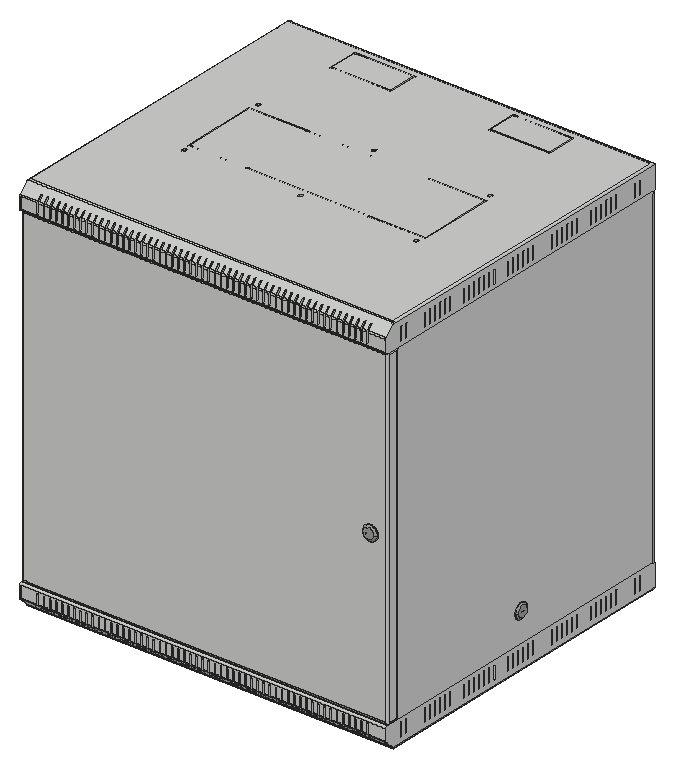
Revit family "600х550", category Обобщенные модели, Revit 2019
Family settings
  Может служить основой для арматурных стержней = Нет
  Размер круглого соединителя = Использовать диаметр
  Тип детали = Нормальный
  На основе рабочей плоскости = Нет
  Всегда вертикально = Да
  При загрузке вырезать с полостями = Нет
  Общий = Нет
  Точка расчета площади = Нет
Parameters (values of type "ШТ-НСрМ 12U (600x550) металлическая дверь")
  Дверь = Дверь_М : Дверь_М
  Высота_двери = ADSK_Размер_Высота - 80 mm  # 546 mm
  ADSK_Этаж [instance] = ""
  ADSK_Размер_Ширина = 600 mm  # constant formula
  ADSK_Размер_Глубина = 550 mm  # constant formula
  ADSK_Размер_Высота = 626 mm
  ADSK_Примечание [instance] = ""
  ADSK_Предел огнестойкости = ""
  ADSK_Позиция [instance] = ""
  ADSK_Обозначение = "ШТ-НСрМ 12U (600x550) металлическая дверь"
  ADSK_Наименование = "Шкаф телекоммуникационный настенный разборный со съемными боковыми стенками 19”,12U(600x550), ШТ-НСрМ-12U-600-550-М дверь металл ССД"
  ADSK_Материал обозначение = "Серый RAL 7035"  # constant formula
  ADSK_Масса_Текст = "23,6"
  ADSK_Марка [instance] = "ШТ-НСрМ 12U (600x550) металлическая дверь"
  ADSK_Код изделия = "130411-00830"
  ADSK_Зона = ""
  ADSK_Завод-изготовитель = "АО СВЯЗЬСТРОЙДЕТАЛЬ"  # constant formula
  ADSK_Единица измерения = "шт"  # constant formula
  ADSK_URL страницы изделия = "https://www.ssd.ru/shkaf-telekommunikatsionnyy-nastennyy-razbornyy-so-semnymi-bokovymi-stenkami-19-12u-600x550-sht-nsrm"
  ADSK_URL документации изделия = ""
Reference planes
  plane 1 "По центру (Вперед/Назад)": y = 0
  plane 2: z = 0
  plane 3 "По центру (Влево/Вправо)": x = 0
  plane 4: y = 275
  plane 5: y = -275
  plane 6: x = -300
  plane 7: x = 300
  plane 8: z = 313
  plane 9: z = -313
  plane 10: z = 273
  plane 11: z = -273
Forms (mm)
  Extrusion 1, solid, material "RAL 7035", detail levels medium+fine
    sketch origin (0, 174.994, 41.996) x (0, 1, 0) y (-1, 0, 0)
      loop
        line (97.006, 300) -> (-425.51, 300)
        arc (-425.51, 300) -> (-426.004, 299.506) -> (-425.51, 299.013) r 0.494
        line (-425.51, 299.013) -> (95.992, 299.013)
        arc (95.992, 299.013) -> (98.118, 298.132) -> (98.999, 296.006) r 3.007
        line (98.999, 296.006) -> (98.999, 246.94)
        arc (98.999, 246.94) -> (99.499, 246.44) -> (100, 246.94) r 0.501
        line (100, 246.94) -> (100, 297.006)
        arc (100, 297.006) -> (99.123, 299.123) -> (97.006, 300) r 2.994
      loop
        arc (96.993, -300) -> (99.119, -299.119) -> (100, -296.993) r 3.007
        line (100, -296.993) -> (100, -246.948)
        arc (100, -246.948) -> (99.499, -246.447) -> (98.998, -246.948) r 0.501
        line (98.998, -246.948) -> (98.998, -295.993)
        arc (98.998, -295.993) -> (98.117, -298.119) -> (95.991, -299) r 3.007
        line (95.991, -299) -> (-425.504, -299)
        arc (-425.504, -299) -> (-426.004, -299.5) -> (-425.504, -300) r 0.5
        line (-425.504, -300) -> (96.993, -300)
      loop
        line (99.006, 245.778) -> (99.006, -245.93)
        arc (99.006, -245.93) -> (99.506, -246.43) -> (100.006, -245.93) r 0.5
        line (100.006, -245.93) -> (100.006, 245.778)
        arc (100.006, 245.778) -> (99.506, 246.278) -> (99.006, 245.778) r 0.5
    from -314.996 to 231.004
  Extrusion 2, void, detail levels fine
    sketch origin (3.917, 0, 151.811) x (1, 0, 0) y (0, 0, 1)
      loop
        line (273.229, 77.108) -> (273.229, 81.669)
        arc (273.229, 81.669) -> (268.229, 86.669) -> (263.229, 81.669) r 5
        line (263.229, 81.669) -> (263.229, 77.09)
        arc (263.229, 77.09) -> (260.241, 70.854) -> (263.229, 64.618) r 8
        line (263.229, 64.618) -> (263.229, 60.039)
        arc (263.229, 60.039) -> (268.229, 55.039) -> (273.229, 60.039) r 5
        line (273.229, 60.039) -> (273.229, 64.6)
        arc (273.229, 64.6) -> (276.241, 70.854) -> (273.229, 77.108) r 8
    from -273.916 to -275
  Extrusion 3, void, detail levels fine
    sketch origin (-3.917, 0, 151.811) x (-1, 0, 0) y (0, 0, -1)
      loop
        arc (273.229, -77.108) -> (276.241, -70.854) -> (273.229, -64.6) r 8
        line (273.229, -64.6) -> (273.229, -60.039)
        arc (273.229, -60.039) -> (268.229, -55.039) -> (263.229, -60.039) r 5
        line (263.229, -60.039) -> (263.229, -64.618)
        arc (263.229, -64.618) -> (260.241, -70.854) -> (263.229, -77.09) r 8
        line (263.229, -77.09) -> (263.229, -81.669)
        arc (263.229, -81.669) -> (268.229, -86.669) -> (273.229, -81.669) r 5
        line (273.229, -81.669) -> (273.229, -77.108)
    from -273.916 to -275
  Extrusion 4, void, detail levels fine
    sketch origin (3.917, 0, -151.811) x (1, 0, 0) y (0, 0, 1)
      loop
        arc (273.229, -77.108) -> (276.241, -70.854) -> (273.229, -64.6) r 8
        line (273.229, -64.6) -> (273.229, -60.039)
        arc (273.229, -60.039) -> (268.229, -55.039) -> (263.229, -60.039) r 5
        line (263.229, -60.039) -> (263.229, -64.618)
        arc (263.229, -64.618) -> (260.241, -70.854) -> (263.229, -77.09) r 8
        line (263.229, -77.09) -> (263.229, -81.669)
        arc (263.229, -81.669) -> (268.229, -86.669) -> (273.229, -81.669) r 5
        line (273.229, -81.669) -> (273.229, -77.108)
    from -275 to -273.956
  Extrusion 5, void, detail levels fine
    sketch origin (-3.917, 0, -151.811) x (-1, 0, 0) y (0, 0, -1)
      loop
        line (273.229, 77.108) -> (273.229, 81.669)
        arc (273.229, 81.669) -> (268.229, 86.669) -> (263.229, 81.669) r 5
        line (263.229, 81.669) -> (263.229, 77.09)
        arc (263.229, 77.09) -> (260.241, 70.854) -> (263.229, 64.618) r 8
        line (263.229, 64.618) -> (263.229, 60.039)
        arc (263.229, 60.039) -> (268.229, 55.039) -> (273.229, 60.039) r 5
        line (273.229, 60.039) -> (273.229, 64.6)
        arc (273.229, 64.6) -> (276.241, 70.854) -> (273.229, 77.108) r 8
    from -273.956 to -275
  Extrusion 6, void, not visible, detail levels fine
    sketch origin (3.917, -50, 13.811) x (1, 0, 0) y (0, 0, 1)
      loop
        line (273.229, 77.108) -> (273.229, 81.669)
        arc (273.229, 81.669) -> (268.229, 86.669) -> (263.229, 81.669) r 5
        line (263.229, 81.669) -> (263.229, 77.09)
        arc (263.229, 77.09) -> (260.241, 70.854) -> (263.229, 64.618) r 8
        line (263.229, 64.618) -> (263.229, 60.039)
        arc (263.229, 60.039) -> (268.229, 55.039) -> (273.229, 60.039) r 5
        line (273.229, 60.039) -> (273.229, 64.6)
        arc (273.229, 64.6) -> (276.241, 70.854) -> (273.229, 77.108) r 8
    from -273.916 to -275
  Extrusion 7, void, not visible, detail levels fine
    sketch origin (-3.917, -50, 13.811) x (-1, 0, 0) y (0, 0, -1)
      loop
        arc (273.229, -77.108) -> (276.241, -70.854) -> (273.229, -64.6) r 8
        line (273.229, -64.6) -> (273.229, -60.039)
        arc (273.229, -60.039) -> (268.229, -55.039) -> (263.229, -60.039) r 5
        line (263.229, -60.039) -> (263.229, -64.618)
        arc (263.229, -64.618) -> (260.241, -70.854) -> (263.229, -77.09) r 8
        line (263.229, -77.09) -> (263.229, -81.669)
        arc (263.229, -81.669) -> (268.229, -86.669) -> (273.229, -81.669) r 5
        line (273.229, -81.669) -> (273.229, -77.108)
    from -273.916 to -275
  Extrusion 8, void, not visible, detail levels fine
    sketch origin (3.917, 0, -13.811) x (1, 0, 0) y (0, 0, 1)
      loop
        arc (273.229, -77.108) -> (276.241, -70.854) -> (273.229, -64.6) r 8
        line (273.229, -64.6) -> (273.229, -60.039)
        arc (273.229, -60.039) -> (268.229, -55.039) -> (263.229, -60.039) r 5
        line (263.229, -60.039) -> (263.229, -64.618)
        arc (263.229, -64.618) -> (260.241, -70.854) -> (263.229, -77.09) r 8
        line (263.229, -77.09) -> (263.229, -81.669)
        arc (263.229, -81.669) -> (268.229, -86.669) -> (273.229, -81.669) r 5
        line (273.229, -81.669) -> (273.229, -77.108)
    from -275 to -273.956
  Extrusion 9, void, not visible, detail levels fine
    sketch origin (-3.917, 0, -13.811) x (-1, 0, 0) y (0, 0, -1)
      loop
        line (273.229, 77.108) -> (273.229, 81.669)
        arc (273.229, 81.669) -> (268.229, 86.669) -> (263.229, 81.669) r 5
        line (263.229, 81.669) -> (263.229, 77.09)
        arc (263.229, 77.09) -> (260.241, 70.854) -> (263.229, 64.618) r 8
        line (263.229, 64.618) -> (263.229, 60.039)
        arc (263.229, 60.039) -> (268.229, 55.039) -> (273.229, 60.039) r 5
        line (273.229, 60.039) -> (273.229, 64.6)
        arc (273.229, 64.6) -> (276.241, 70.854) -> (273.229, 77.108) r 8
    from -273.956 to -275
  Extrusion 10, solid, material "По умолчанию", detail levels medium+fine
    sketch origin (0, 0, -82.473) x (0, 1, 0) y (0, 0, 1)
      loop
        circle (0, -140.561) r 12
    from -300 to -301
  Blend 11, solid, material "По умолчанию", detail levels medium+fine
    base sketch origin (0, 30.14, -82.473) x (0, 1, 0) y (0, 0, 1)
      loop
        circle (-30.14, -140.561) r 12
    top sketch origin (0, 30.14, -82.473) x (0, 1, 0) y (0, 0, 1)
      loop
        circle (-30.14, -140.561) r 9
    from -301 to -304
  Extrusion 12, solid, material "По умолчанию", not visible, detail levels medium+fine
    sketch origin (0, 0, -94.473) x (0, 1, 0) y (0, 0, 1)
      loop
        circle (0, -140.561) r 12
    from -300 to -301
  Blend 13, solid, material "По умолчанию", not visible, detail levels medium+fine
    base sketch origin (0, 30.14, -94.473) x (0, 1, 0) y (0, 0, 1)
      loop
        circle (-30.14, -140.561) r 12
    top sketch origin (0, 30.14, -94.473) x (0, 1, 0) y (0, 0, 1)
      loop
        circle (-30.14, -140.561) r 9
    from -301 to -304
  Extrusion 14, solid, material "По умолчанию", detail levels medium+fine
    sketch origin (0, 0, -82.473) x (0, 1, 0) y (0, 0, -1)
      loop
        circle (0, 140.561) r 12
    from -300 to -301
  Blend 15, solid, material "По умолчанию", detail levels medium+fine
    base sketch origin (0, 30.14, -82.473) x (0, 1, 0) y (0, 0, -1)
      loop
        circle (-30.14, 140.561) r 12
    top sketch origin (0, 30.14, -82.473) x (0, 1, 0) y (0, 0, -1)
      loop
        circle (-30.14, 140.561) r 9
    from -301 to -304
  Extrusion 16, solid, material "По умолчанию", not visible, detail levels medium+fine
    sketch origin (0, 0, -94.473) x (0, 1, 0) y (0, 0, -1)
      loop
        circle (0, 140.561) r 12
    from -300 to -301
  Blend 17, solid, material "По умолчанию", not visible, detail levels medium+fine
    base sketch origin (0, 30.14, -94.473) x (0, 1, 0) y (0, 0, -1)
      loop
        circle (-30.14, 140.561) r 12
    top sketch origin (0, 30.14, -94.473) x (0, 1, 0) y (0, 0, -1)
      loop
        circle (-30.14, 140.561) r 9
    from -301 to -304
  Extrusion 18, void
    sketch origin (0, 0.347, 13.575) x (0, 1, 0) y (0, 0, 1)
      loop
        line (-4.848, -235.859) -> (-4.848, -237.359) -> (3.152, -237.359) -> (3.152, -235.859) -> (-4.848, -235.859)
    from -302 to -304
  Extrusion 19, void
    sketch origin (0, 0, 12) x (0, 1, 0) y (0, 0, 1)
      loop
        line (-4.501, -234.284) -> (-4.501, -235.784) -> (3.499, -235.784) -> (3.499, -234.284) -> (-4.501, -234.284)
    from 302 to 304
  Extrusion 20, void, not visible
    sketch origin (0, 0.347, 1.575) x (0, 1, 0) y (0, 0, 1)
      loop
        line (-4.848, -235.859) -> (-4.848, -237.359) -> (3.152, -237.359) -> (3.152, -235.859) -> (-4.848, -235.859)
    from -302 to -304
  Extrusion 21, void, not visible
    sketch origin (0, 0, 0) x (0, 1, 0) y (0, 0, 1)
      loop
        line (-4.501, -234.284) -> (-4.501, -235.784) -> (3.499, -235.784) -> (3.499, -234.284) -> (-4.501, -234.284)
    from 302 to 304
  Extrusion 22, solid, material "RAL 7035", detail levels coarse
    sketch origin (0, 0, 0) x (1, 0, 0) y (0, 0, 1)
      loop
        line (-300, 313) -> (-300, -313) -> (300, -313) -> (300, 313) -> (-300, 313)
    from -275 to 275
  Extrusion 23, solid, material "RAL 7035", detail levels coarse
    sketch origin (0, 0, 0) x (1, 0, 0) y (0, 0, 1)
      loop
        line (-300, 313) -> (-300, -313) -> (300, -313) -> (300, 313) -> (-300, 313)
    from -275 to 275
Cuts and joins
  Extrusion 2, Extrusion 3, Extrusion 4, Extrusion 5, Extrusion 19 cuts Extrusion 1
  Extrusion 18 cuts Blend 11
  Extrusion 19 cuts Extrusion 14
  Extrusion 19 cuts Blend 15
Lines and regions (mm)
  reference lines
    curve 1: line (280.158, 0, 222.665) -> (264.158, 0, 222.665)
    curve 3: line (280.158, 0, -222.665) -> (264.158, 0, -222.665)
    curve 5: line (0, -12, -223.034) -> (0, -42, -223.034)
  reference lines, not visible
    curve 2: line (280.158, -50, 84.665) -> (264.158, -50, 84.665)
    curve 4: line (280.158, 0, -84.665) -> (264.158, 0, -84.665)
    curve 6: line (0, -12, -235.034) -> (0, -42, -235.034)
Dimensions and locks
  "ADSK_Размер_Высота": plane 8 to plane 9
  equal spacing: plane 8, level, plane 9
  equal spacing: plane 7, plane 3 "По центру (Влево/Вправо)", plane 6
  "ADSK_Размер_Ширина": plane 7 to plane 6
  equal spacing: plane 4, plane 1 "По центру (Вперед/Назад)", plane 5
  "ADSK_Размер_Глубина": plane 4 to plane 5
  level to Extrusion 1 = 273 mm
  locked: plane 10 to plane 8 at 40
  locked: plane 9 to plane 11 at 40
  locked: curve 1 to plane 10 at 50.335
  locked: plane 11 to curve 3 at 50.335
  locked: plane 9 to curve 5 at 89.966
  locked: nested 2 to plane 8 at 40
  locked: plane 9 to nested 3 at 40
  aligned and locked: level to plane 2
  aligned and locked: Extrusion 1 to plane 6
  aligned and locked: plane 7 to Extrusion 1
  aligned and locked: plane 10 to Extrusion 1
  aligned and locked: Extrusion 1 to plane 11
  aligned and locked: Extrusion 22 to plane 7
  aligned and locked: Extrusion 22 to plane 6
  aligned and locked: Extrusion 22 to plane 9
  aligned and locked: plane 8 to Extrusion 22
  aligned and locked: Extrusion 22 to plane 4
  aligned and locked: Extrusion 22 to plane 5
  aligned and locked: Extrusion 23 to plane 6
  aligned and locked: Extrusion 23 to plane 7
  aligned and locked: Extrusion 23 to plane 9
  aligned and locked: plane 8 to Extrusion 23
  aligned and locked: Extrusion 23 to plane 4
  aligned and locked: Extrusion 23 to plane 5
Automatic sketch dimensions
  Extrusion 2 sketch curve to Extrusion 2 sketch curve = 0 mm  (x5)
  Extrusion 2 sketch curve to Extrusion 2 sketch curve = 5 mm  (x2)
  Extrusion 2 sketch curve to Extrusion 2 sketch curve = 4.988 mm
  Extrusion 2 sketch curve to Extrusion 2 sketch curve = 4.56 mm  (x2)
  Extrusion 2 sketch curve to Extrusion 2 sketch curve = 4.579 mm
  Extrusion 2 sketch curve to Extrusion 2 sketch curve = 6.254 mm
  Extrusion 3 sketch curve to Extrusion 3 sketch curve = 0 mm  (x5)
  Extrusion 3 sketch curve to Extrusion 3 sketch curve = 5 mm  (x2)
  Extrusion 3 sketch curve to Extrusion 3 sketch curve = 4.988 mm
  Extrusion 3 sketch curve to Extrusion 3 sketch curve = 4.56 mm  (x2)
  Extrusion 3 sketch curve to Extrusion 3 sketch curve = 4.579 mm
  Extrusion 3 sketch curve to Extrusion 3 sketch curve = 6.254 mm
  Extrusion 4 sketch curve to Extrusion 4 sketch curve = 0 mm  (x5)
  Extrusion 4 sketch curve to Extrusion 4 sketch curve = 5 mm  (x2)
  Extrusion 4 sketch curve to Extrusion 4 sketch curve = 4.988 mm
  Extrusion 4 sketch curve to Extrusion 4 sketch curve = 4.56 mm  (x2)
  Extrusion 4 sketch curve to Extrusion 4 sketch curve = 4.579 mm
  Extrusion 4 sketch curve to Extrusion 4 sketch curve = 6.254 mm
  Extrusion 5 sketch curve to Extrusion 5 sketch curve = 0 mm  (x5)
  Extrusion 5 sketch curve to Extrusion 5 sketch curve = 5 mm  (x2)
  Extrusion 5 sketch curve to Extrusion 5 sketch curve = 4.988 mm
  Extrusion 5 sketch curve to Extrusion 5 sketch curve = 4.56 mm  (x2)
  Extrusion 5 sketch curve to Extrusion 5 sketch curve = 4.579 mm
  Extrusion 5 sketch curve to Extrusion 5 sketch curve = 6.254 mm
  Extrusion 6 sketch curve to Extrusion 6 sketch curve = 0 mm  (x5)
  Extrusion 6 sketch curve to Extrusion 6 sketch curve = 5 mm  (x2)
  Extrusion 6 sketch curve to Extrusion 6 sketch curve = 4.988 mm
  Extrusion 6 sketch curve to Extrusion 6 sketch curve = 4.56 mm  (x2)
  Extrusion 6 sketch curve to Extrusion 6 sketch curve = 4.579 mm
  Extrusion 6 sketch curve to Extrusion 6 sketch curve = 6.254 mm
  Extrusion 7 sketch curve to Extrusion 7 sketch curve = 0 mm  (x5)
  Extrusion 7 sketch curve to Extrusion 7 sketch curve = 5 mm  (x2)
  Extrusion 7 sketch curve to Extrusion 7 sketch curve = 4.988 mm
  Extrusion 7 sketch curve to Extrusion 7 sketch curve = 4.56 mm  (x2)
  Extrusion 7 sketch curve to Extrusion 7 sketch curve = 4.579 mm
  Extrusion 7 sketch curve to Extrusion 7 sketch curve = 6.254 mm
  Extrusion 8 sketch curve to Extrusion 8 sketch curve = 0 mm  (x5)
  Extrusion 8 sketch curve to Extrusion 8 sketch curve = 5 mm  (x2)
  Extrusion 8 sketch curve to Extrusion 8 sketch curve = 4.988 mm
  Extrusion 8 sketch curve to Extrusion 8 sketch curve = 4.56 mm  (x2)
  Extrusion 8 sketch curve to Extrusion 8 sketch curve = 4.579 mm
  Extrusion 8 sketch curve to Extrusion 8 sketch curve = 6.254 mm
  Extrusion 9 sketch curve to Extrusion 9 sketch curve = 0 mm  (x5)
  Extrusion 9 sketch curve to Extrusion 9 sketch curve = 5 mm  (x2)
  Extrusion 9 sketch curve to Extrusion 9 sketch curve = 4.988 mm
  Extrusion 9 sketch curve to Extrusion 9 sketch curve = 4.56 mm  (x2)
  Extrusion 9 sketch curve to Extrusion 9 sketch curve = 4.579 mm
  Extrusion 9 sketch curve to Extrusion 9 sketch curve = 6.254 mm
  Extrusion 1 sketch curve to plane 6 = 0 mm
  Extrusion 1 sketch curve to plane 7 = 0 mm
  plane 4 to Extrusion 1 sketch curve = 0 mm
  plane 4 to Extrusion 1 sketch curve = 0.006 mm  (x2)
  plane 4 to Extrusion 1 sketch curve = 0.5 mm
  Extrusion 1 sketch curve to Extrusion 1 sketch curve = 0.501 mm  (x2)
  plane 4 to Extrusion 1 sketch curve = 2.999 mm
  plane 4 to Extrusion 1 sketch curve = 3.012 mm
  Extrusion 1 sketch curve to Extrusion 1 sketch curve = 1.014 mm
  Extrusion 1 sketch curve to plane 7 = 1 mm
  Extrusion 1 sketch curve to Extrusion 1 sketch curve = 1.002 mm
  Extrusion 1 sketch curve to plane 5 = 24.49 mm
  plane 6 to Extrusion 1 sketch curve = 0.494 mm
  Extrusion 1 sketch curve to plane 5 = 24.484 mm
  Extrusion 1 sketch curve to Extrusion 1 sketch curve = 49.046 mm
  Extrusion 1 sketch curve to Extrusion 1 sketch curve = 1.018 mm
  Extrusion 1 sketch curve to Extrusion 1 sketch curve = 50.228 mm
  Extrusion 1 sketch curve to Extrusion 1 sketch curve = 1.162 mm
  Extrusion 18 sketch curve to Extrusion 18 sketch curve = 1.5 mm
  Extrusion 19 sketch curve to Extrusion 19 sketch curve = 8 mm
  Extrusion 19 sketch curve to Extrusion 19 sketch curve = 1.5 mm
  Extrusion 18 sketch curve to Extrusion 18 sketch curve = 8 mm
  Extrusion 20 sketch curve to Extrusion 20 sketch curve = 8 mm
  Extrusion 22 sketch curve to plane 6 = 0 mm
  Extrusion 22 sketch curve to plane 7 = 0 mm
  Extrusion 22 sketch curve to plane 8 = 626 mm
  Extrusion 22 sketch curve to Extrusion 22 sketch curve = 626 mm
  Extrusion 23 sketch curve to plane 6 = 0 mm
  Extrusion 23 sketch curve to plane 7 = 0 mm
  Extrusion 23 sketch curve to plane 8 = 626 mm
  Extrusion 23 sketch curve to Extrusion 23 sketch curve = 626 mm
  radius of Extrusion 10 sketch curve = 12 mm
  radius of Blend 11 sketch curve = 12 mm
  radius of Blend 11 sketch curve = 9 mm
  radius of Extrusion 14 sketch curve = 12 mm
  radius of Blend 15 sketch curve = 12 mm
  radius of Blend 15 sketch curve = 9 mm
  radius of Extrusion 12 sketch curve = 12 mm
  radius of Blend 13 sketch curve = 12 mm
  radius of Blend 13 sketch curve = 9 mm
  radius of Extrusion 16 sketch curve = 12 mm
  radius of Blend 17 sketch curve = 12 mm
  radius of Blend 17 sketch curve = 9 mm
Nested families
  nested 1: "Дверь_М" at (0, -251, 0), ADSK_Размер_Высота <- "Высота_двери", type <- "Дверь", type "Дверь_М", detail levels medium+fine
    with ADSK_Размер_Высота 546 mm
  nested 2: "Крышка 550" at (0, 275, 63) x (1, 0, 0) z (0, -1, 0), type "Крышка 550", detail levels medium+fine
  nested 3: "Крышка 550" at (0, 275, -63) x (1, 0, 0) z (0, -1, 0), type "Крышка 550", detail levels medium+fine
Definition of nested family "Дверь_М"
  Parameters (values of type "Дверь_М")
    Ширина = 600 mm
    ADSK_Размер_Высота [instance] = 413 mm
  Reference planes
    plane 1 "По центру (Вперед/Назад)": y = 0
    plane 2: z = 0
    plane 3 "По центру (Влево/Вправо)": x = 0
    plane 4: z = 206.5
    plane 5: z = -206.5
    plane 6: x = -300
    plane 7: x = 300
  Forms (mm)
    Extrusion 1, solid, detail levels medium+fine
      sketch origin (0, 0, 0) x (1, 0, 0) y (0, 0, 1)
        loop
          line (297, 206.5) -> (-297, 206.5)
          arc (-297, 206.5) -> (-299.121, 205.621) -> (-300, 203.5) r 3
          line (-300, 203.5) -> (-300, -203.5)
          arc (-300, -203.5) -> (-299.121, -205.621) -> (-297, -206.5) r 3
          line (-297, -206.5) -> (297, -206.5)
          arc (297, -206.5) -> (299.121, -205.621) -> (300, -203.5) r 3
          line (300, -203.5) -> (300, 203.5)
          arc (300, 203.5) -> (299.121, 205.621) -> (297, 206.5) r 3
      from 0 to 20
    Extrusion 2, void
      sketch origin (0, 0, 0) x (1, 0, 0) y (0, 1, 0)
        loop
          line (-300, 0) -> (-300, -3)
          arc (-300, -3) -> (-299.121, -0.879) -> (-297, 0) r 3
          line (-297, 0) -> (-300, 0)
        loop
          line (300, 0) -> (297, 0)
          arc (297, 0) -> (299.121, -0.879) -> (300, -3) r 3
          line (300, -3) -> (300, 0)
        loop
          line (-300, -20) -> (-297, -20)
          arc (-297, -20) -> (-299.121, -19.121) -> (-300, -17) r 3
          line (-300, -17) -> (-300, -20)
        loop
          line (300, -20) -> (300, -17)
          arc (300, -17) -> (299.121, -19.121) -> (297, -20) r 3
          line (297, -20) -> (300, -20)
      from -206.5 to 206.5
    Extrusion 3, void, detail levels medium+fine
      sketch origin (0, 0, 0) x (0, 1, 0) y (0, 0, 1)
        loop
          line (0, 206.5) -> (-2.958, 206.5)
          arc (-2.958, 206.5) -> (-0.866, 205.634) -> (0, 203.542) r 2.958
          line (0, 203.542) -> (0, 206.5)
        loop
          line (0, -206.5) -> (0, -203.542)
          arc (0, -203.542) -> (-0.866, -205.634) -> (-2.958, -206.5) r 2.958
          line (-2.958, -206.5) -> (0, -206.5)
        loop
          line (-20, 206.5) -> (-20, 203.542)
          arc (-20, 203.542) -> (-19.134, 205.634) -> (-17.042, 206.5) r 2.958
          line (-17.042, 206.5) -> (-20, 206.5)
        loop
          line (-20, -206.5) -> (-17.042, -206.5)
          arc (-17.042, -206.5) -> (-19.134, -205.634) -> (-20, -203.542) r 2.958
          line (-20, -203.542) -> (-20, -206.5)
      from -300 to 300
    Extrusion 4, solid, detail levels medium+fine
      sketch origin (271.4, 0, 0) x (1, 0, 0) y (0, 0, 1)
        loop
          circle (0, 0) r 12
      from 20 to 21
    Blend 5, solid, detail levels medium+fine
      base sketch origin (143.882, 0, 0) x (1, 0, 0) y (0, 0, 1)
        loop
          circle (127.518, 0) r 12
      top sketch origin (143.882, 0, 0) x (1, 0, 0) y (0, 0, 1)
        loop
          circle (127.518, 0) r 9
      from 21 to 24
    Extrusion 6, void, detail levels fine
      sketch origin (271.39, 0, -0.135) x (1, 0, 0) y (0, 0, 1)
        loop
          line (-3.979, 0.868) -> (-3.979, -0.615) -> (3.999, -0.615) -> (3.999, 0.868) -> (-3.979, 0.868)
      from 24 to 22
  Cuts and joins
    Extrusion 2, Extrusion 3 cuts Extrusion 1
    Extrusion 6 cuts Blend 5
  Dimensions and locks
    equal spacing: plane 4, level, plane 5
    "ADSK_Размер_Высота": plane 4 to plane 5
    equal spacing: plane 7, plane 3 "По центру (Влево/Вправо)", plane 6
    "Ширина": plane 7 to plane 6
    locked: Extrusion 1 to Extrusion 1 at 20
    aligned and locked: level to plane 2
    aligned and locked: Extrusion 1 to plane 1 "По центру (Вперед/Назад)"
    aligned and locked: plane 4 to Extrusion 1
    aligned and locked: plane 7 to Extrusion 1
    aligned and locked: Extrusion 1 to plane 6
    aligned and locked: Extrusion 1 to plane 5
    aligned and locked: Extrusion 2 to plane 6  (x2)
    aligned and locked: Extrusion 2 to plane 1 "По центру (Вперед/Назад)"  (x2)
    aligned and locked: Extrusion 2 to Extrusion 1
    aligned and locked: plane 7 to Extrusion 2  (x2)
    aligned and locked: Extrusion 1 to Extrusion 2
    aligned and locked: plane 4 to Extrusion 2
    aligned and locked: Extrusion 2 to plane 5
    aligned and locked: plane 4 to Extrusion 3  (x2)
    aligned and locked: Extrusion 1 to Extrusion 3
    aligned and locked: Extrusion 3 to plane 1 "По центру (Вперед/Назад)"  (x2)
    aligned and locked: Extrusion 3 to plane 5  (x2)
    aligned and locked: Extrusion 3 to Extrusion 1
    aligned and locked: plane 7 to Extrusion 3
    aligned and locked: Extrusion 3 to plane 6
  Automatic sketch dimensions
    Extrusion 1 sketch curve to plane 6 = 0 mm
    Extrusion 1 sketch curve to plane 4 = 0 mm
    Extrusion 1 sketch curve to plane 5 = 0 mm
    Extrusion 1 sketch curve to plane 7 = 0 mm
    Extrusion 1 sketch curve to plane 4 = 3 mm
    plane 5 to Extrusion 1 sketch curve = 3 mm
    Extrusion 1 sketch curve to plane 7 = 3 mm  (x2)
    plane 1 "По центру (Вперед/Назад)" to Extrusion 2 sketch curve = 0 mm  (x2)
    Extrusion 2 sketch curve to plane 6 = 0 mm  (x2)
    Extrusion 2 sketch curve to plane 7 = 0 mm
    plane 7 to Extrusion 2 sketch curve = 0 mm
    plane 6 to Extrusion 2 sketch curve = 3 mm  (x2)
    Extrusion 2 sketch curve to plane 7 = 3 mm
    Extrusion 2 sketch curve to Extrusion 2 sketch curve = 3 mm
    Extrusion 2 sketch curve to Extrusion 2 sketch curve = 14 mm  (x2)
    Extrusion 3 sketch curve to plane 4 = 0 mm  (x2)
    Extrusion 3 sketch curve to plane 5 = 0 mm  (x2)
    Extrusion 3 sketch curve to plane 1 "По центру (Вперед/Назад)" = 0 mm  (x2)
    Extrusion 3 sketch curve to Extrusion 3 sketch curve = 2.958 mm  (x3)
    plane 1 "По центру (Вперед/Назад)" to Extrusion 3 sketch curve = 2.958 mm
    Extrusion 3 sketch curve to Extrusion 3 sketch curve = 14.084 mm  (x2)
    Extrusion 4 sketch curve to level = 0 mm
    plane 3 "По центру (Влево/Вправо)" to Extrusion 4 sketch curve = 271.4 mm
    Blend 5 sketch curve to level = 0 mm  (x2)
    plane 3 "По центру (Влево/Вправо)" to Blend 5 sketch curve = 271.4 mm  (x2)
    Extrusion 6 sketch curve to level = 0.75 mm
    plane 3 "По центру (Влево/Вправо)" to Extrusion 6 sketch curve = 267.411 mm
    plane 3 "По центру (Влево/Вправо)" to Extrusion 6 sketch curve = 275.389 mm
    level to Extrusion 6 sketch curve = 0.733 mm
    radius of Extrusion 4 sketch curve = 12 mm
    radius of Blend 5 sketch curve = 12 mm
    radius of Blend 5 sketch curve = 9 mm
Definition of nested family "Крышка 550"
  Parameters (values of type "Крышка 550")
    Default Elevation = 0 mm
    ADSK_Размер_Ширина = 600 mm
    ADSK_Размер_Глубина = 550 mm
    ADSK_Материал = none
  Reference planes
    plane 1 "По центру (Вперед/Назад)": y = 0
    plane 2: z = 0
    plane 3 "По центру (Влево/Вправо)": x = 0
    plane 4: x = 300
    plane 5: x = -300
    plane 6: y = 250
    plane 7: y = -250
    plane 8: z = 550
  Forms (mm)
    Extrusion 1, solid
      sketch origin (0, 0, 0) x (1, 0, 0) y (0, 1, 0)
        loop
          line (-1219.2, 1219.2) -> (-1219.2, -1219.2) -> (1219.2, -1219.2) -> (1219.2, 1219.2) -> (-1219.2, 1219.2)
      from 0 to -304.8
    Extrusion 2, solid, material <- "ADSK_Материал", detail levels medium+fine
      sketch origin (0, 310.254, -563.001) x (0, 1, 0) y (0, 0, 1)
        loop
          arc (-60.254, 1094.781) -> (-60.483, 1095.929) -> (-61.133, 1096.903) r 3
          line (-61.133, 1096.903) -> (-76.353, 1112.122)
          arc (-76.353, 1112.122) -> (-77.326, 1112.773) -> (-78.474, 1113.001) r 3
          line (-78.474, 1113.001) -> (-97.254, 1113.001)
          arc (-97.254, 1113.001) -> (-99.376, 1112.122) -> (-100.254, 1110.001) r 3
          line (-100.254, 1110.001) -> (-100.254, 566.001)
          arc (-100.254, 566.001) -> (-99.376, 563.88) -> (-97.254, 563.001) r 3
          line (-97.254, 563.001) -> (-63.254, 563.001)
          arc (-63.254, 563.001) -> (-61.133, 563.88) -> (-60.254, 566.001) r 3
          line (-60.254, 566.001) -> (-60.254, 1094.781)
      from -300 to 300
    Extrusion 3, void, detail levels medium+fine
      sketch origin (-302.566, 67.262, 0) x (1, 0, 0) y (0, 1, 0)
        loop
          line (31.066, 172.333) -> (31.066, 148.933)
          arc (31.066, 148.933) -> (32.566, 147.433) -> (34.066, 148.933) r 1.5
          line (34.066, 148.933) -> (34.066, 172.333)
          arc (34.066, 172.333) -> (32.566, 173.833) -> (31.066, 172.333) r 1.5
      from 540 to 550 <- "ADSK_Размер_Глубина"
    Extrusion 4, void, detail levels medium+fine
      sketch origin (0, 0, 0) x (1, 0, 0) y (0, 1, 0)
        loop
          arc (-300, 246.971) -> (-299.113, 249.113) -> (-296.971, 250) r 3.029
          line (-296.971, 250) -> (-300, 250) -> (-300, 246.971)
      from 0 to 550 <- "ADSK_Размер_Глубина"
    Extrusion 5, void, detail levels medium+fine
      sketch origin (0, 0, 0) x (-1, 0, 0) y (0, -1, 0)
        loop
          line (-300, -246.971) -> (-300, -250) -> (-296.971, -250)
          arc (-296.971, -250) -> (-299.113, -249.113) -> (-300, -246.971) r 3.029
      from 0 to 550 <- "ADSK_Размер_Глубина"
    Extrusion 6, void, detail levels medium+fine
      sketch origin (0, 0, -294.506) x (0, 1, 0) y (0, 0, 1)
        loop
          line (238.196, 326.499) -> (216.196, 326.499)
          arc (216.196, 326.499) -> (214.449, 324.752) -> (216.196, 323.006) r 1.747
          line (216.196, 323.006) -> (238.196, 323.006)
          arc (238.196, 323.006) -> (239.942, 324.752) -> (238.196, 326.499) r 1.747
      from 299 to 300
    Extrusion 7, void, detail levels medium+fine
      sketch origin (0, 0, 0) x (1, 0, 0) y (0, 0, 1)
        loop
          line (-101, 212) -> (-101, 214) -> (-193, 214) -> (-193, 274) -> (-195, 274) -> (-195, 212) -> (-101, 212)
        loop
          line (-100, 212) -> (100, 212) -> (100, 214) -> (-100, 214) -> (-100, 212)
        loop
          line (101, 212) -> (195, 212) -> (195, 274) -> (193, 274) -> (193, 214) -> (101, 214) -> (101, 212)
        loop
          line (-101, 338) -> (-195, 338) -> (-195, 276) -> (-193, 276) -> (-193, 336) -> (-101, 336) -> (-101, 338)
        loop
          line (-100, 338) -> (-100, 336) -> (100, 336) -> (100, 338) -> (-100, 338)
        loop
          line (101, 338) -> (101, 336) -> (193, 336) -> (193, 276) -> (195, 276) -> (195, 338) -> (101, 338)
        loop
          circle (189.7, 199.5) r 3.3
        loop
          circle (0, 199.5) r 3.3
        loop
          circle (-189.7, 199.5) r 3.3
        loop
          circle (189.7, 350.5) r 3.3
        loop
          circle (0, 350.5) r 3.3
        loop
          circle (-189.7, 350.5) r 3.3
        loop
          line (83, 65) -> (83, 63) -> (177, 63) -> (177, 65) -> (83, 65)
        loop
          line (178, 65) -> (178, 15) -> (180, 15) -> (180, 65) -> (178, 65)
        loop
          line (83, 15) -> (177, 15) -> (177, 17) -> (83, 17) -> (83, 15)
        loop
          line (82, 65) -> (80, 65) -> (80, 15) -> (82, 15) -> (82, 65)
        loop
          line (-83, 65) -> (-177, 65) -> (-177, 63) -> (-83, 63) -> (-83, 65)
        loop
          line (-178, 65) -> (-180, 65) -> (-180, 15) -> (-178, 15) -> (-178, 65)
        loop
          line (-83, 15) -> (-83, 17) -> (-177, 17) -> (-177, 15) -> (-83, 15)
        loop
          line (-82, 65) -> (-82, 15) -> (-80, 15) -> (-80, 65) -> (-82, 65)
      from -250 to -210
    Extrusion 8, void, detail levels medium+fine
      sketch origin (0, 0, 0) x (0, 1, 0) y (0, 0, 1)
        loop
          arc (213.847, 549.125) -> (211.726, 548.247) -> (210.847, 546.125) r 3
          line (210.847, 546.125) -> (210, 546.125) -> (210, 3.911) -> (210.847, 3.911)
          arc (210.847, 3.911) -> (211.726, 1.79) -> (213.847, 0.911) r 3
          line (213.847, 0.911) -> (246, 0.911)
          arc (246, 0.911) -> (248.121, 1.79) -> (249, 3.911) r 3
          line (249, 3.911) -> (249, 531.785)
          arc (249, 531.785) -> (248.772, 532.932) -> (248.122, 533.904) r 2.997
          line (248.122, 533.904) -> (233.78, 548.247)
          arc (233.78, 548.247) -> (232.807, 548.897) -> (231.659, 549.125) r 3
          line (231.659, 549.125) -> (213.847, 549.125)
      from -299 to 299
    Extrusion 9, void, detail levels medium+fine
      sketch origin (0, 0, -284.506) x (0, 1, 0) y (0, 0, 1)
        loop
          line (238.196, 326.499) -> (216.196, 326.499)
          arc (216.196, 326.499) -> (214.449, 324.752) -> (216.196, 323.006) r 1.747
          line (216.196, 323.006) -> (238.196, 323.006)
          arc (238.196, 323.006) -> (239.942, 324.752) -> (238.196, 326.499) r 1.747
      from 299 to 300
    Extrusion 10, void, detail levels medium+fine
      sketch origin (0, 0, -274.506) x (0, 1, 0) y (0, 0, 1)
        loop
          line (238.196, 326.499) -> (216.196, 326.499)
          arc (216.196, 326.499) -> (214.449, 324.752) -> (216.196, 323.006) r 1.747
          line (216.196, 323.006) -> (238.196, 323.006)
          arc (238.196, 323.006) -> (239.942, 324.752) -> (238.196, 326.499) r 1.747
      from 299 to 300
    Extrusion 11, void, detail levels medium+fine
      sketch origin (0, 0, -264.506) x (0, 1, 0) y (0, 0, 1)
        loop
          line (238.196, 326.499) -> (216.196, 326.499)
          arc (216.196, 326.499) -> (214.449, 324.752) -> (216.196, 323.006) r 1.747
          line (216.196, 323.006) -> (238.196, 323.006)
          arc (238.196, 323.006) -> (239.942, 324.752) -> (238.196, 326.499) r 1.747
      from 299 to 300
    Extrusion 12, void, detail levels medium+fine
      sketch origin (0, 0, -254.506) x (0, 1, 0) y (0, 0, 1)
        loop
          line (238.196, 326.499) -> (216.196, 326.499)
          arc (216.196, 326.499) -> (214.449, 324.752) -> (216.196, 323.006) r 1.747
          line (216.196, 323.006) -> (238.196, 323.006)
          arc (238.196, 323.006) -> (239.942, 324.752) -> (238.196, 326.499) r 1.747
      from 299 to 300
    Extrusion 13, void, detail levels medium+fine
      sketch origin (0, 0, -244.506) x (0, 1, 0) y (0, 0, 1)
        loop
          line (238.196, 326.499) -> (216.196, 326.499)
          arc (216.196, 326.499) -> (214.449, 324.752) -> (216.196, 323.006) r 1.747
          line (216.196, 323.006) -> (238.196, 323.006)
          arc (238.196, 323.006) -> (239.942, 324.752) -> (238.196, 326.499) r 1.747
      from 299 to 300
    Extrusion 14, void, detail levels medium+fine
      sketch origin (0, 0, -234.506) x (0, 1, 0) y (0, 0, 1)
        loop
          line (238.196, 326.499) -> (216.196, 326.499)
          arc (216.196, 326.499) -> (214.449, 324.752) -> (216.196, 323.006) r 1.747
          line (216.196, 323.006) -> (238.196, 323.006)
          arc (238.196, 323.006) -> (239.942, 324.752) -> (238.196, 326.499) r 1.747
      from 299 to 300
    Extrusion 15, void, detail levels medium+fine
      sketch origin (0, 0, -224.506) x (0, 1, 0) y (0, 0, 1)
        loop
          line (238.196, 326.499) -> (216.196, 326.499)
          arc (216.196, 326.499) -> (214.449, 324.752) -> (216.196, 323.006) r 1.747
          line (216.196, 323.006) -> (238.196, 323.006)
          arc (238.196, 323.006) -> (239.942, 324.752) -> (238.196, 326.499) r 1.747
      from 299 to 300
    Extrusion 16, void, detail levels medium+fine
      sketch origin (0, 0, -214.506) x (0, 1, 0) y (0, 0, 1)
        loop
          line (238.196, 326.499) -> (216.196, 326.499)
          arc (216.196, 326.499) -> (214.449, 324.752) -> (216.196, 323.006) r 1.747
          line (216.196, 323.006) -> (238.196, 323.006)
          arc (238.196, 323.006) -> (239.942, 324.752) -> (238.196, 326.499) r 1.747
      from 299 to 300
    Extrusion 17, void, detail levels medium+fine
      sketch origin (0, 0, -204.506) x (0, 1, 0) y (0, 0, 1)
        loop
          line (238.196, 326.499) -> (216.196, 326.499)
          arc (216.196, 326.499) -> (214.449, 324.752) -> (216.196, 323.006) r 1.747
          line (216.196, 323.006) -> (238.196, 323.006)
          arc (238.196, 323.006) -> (239.942, 324.752) -> (238.196, 326.499) r 1.747
      from 299 to 300
    Extrusion 18, void, detail levels medium+fine
      sketch origin (0, 0, -194.506) x (0, 1, 0) y (0, 0, 1)
        loop
          line (238.196, 326.499) -> (216.196, 326.499)
          arc (216.196, 326.499) -> (214.449, 324.752) -> (216.196, 323.006) r 1.747
          line (216.196, 323.006) -> (238.196, 323.006)
          arc (238.196, 323.006) -> (239.942, 324.752) -> (238.196, 326.499) r 1.747
      from 299 to 300
    Extrusion 19, void, detail levels medium+fine
      sketch origin (0, 0, -184.506) x (0, 1, 0) y (0, 0, 1)
        loop
          line (238.196, 326.499) -> (216.196, 326.499)
          arc (216.196, 326.499) -> (214.449, 324.752) -> (216.196, 323.006) r 1.747
          line (216.196, 323.006) -> (238.196, 323.006)
          arc (238.196, 323.006) -> (239.942, 324.752) -> (238.196, 326.499) r 1.747
      from 299 to 300
    Extrusion 20, void, detail levels medium+fine
      sketch origin (0, 0, -174.506) x (0, 1, 0) y (0, 0, 1)
        loop
          line (238.196, 326.499) -> (216.196, 326.499)
          arc (216.196, 326.499) -> (214.449, 324.752) -> (216.196, 323.006) r 1.747
          line (216.196, 323.006) -> (238.196, 323.006)
          arc (238.196, 323.006) -> (239.942, 324.752) -> (238.196, 326.499) r 1.747
      from 299 to 300
    Extrusion 21, void, detail levels medium+fine
      sketch origin (0, 0, -164.506) x (0, 1, 0) y (0, 0, 1)
        loop
          line (238.196, 326.499) -> (216.196, 326.499)
          arc (216.196, 326.499) -> (214.449, 324.752) -> (216.196, 323.006) r 1.747
          line (216.196, 323.006) -> (238.196, 323.006)
          arc (238.196, 323.006) -> (239.942, 324.752) -> (238.196, 326.499) r 1.747
      from 299 to 300
    Extrusion 22, void, detail levels medium+fine
      sketch origin (0, 0, -154.506) x (0, 1, 0) y (0, 0, 1)
        loop
          line (238.196, 326.499) -> (216.196, 326.499)
          arc (216.196, 326.499) -> (214.449, 324.752) -> (216.196, 323.006) r 1.747
          line (216.196, 323.006) -> (238.196, 323.006)
          arc (238.196, 323.006) -> (239.942, 324.752) -> (238.196, 326.499) r 1.747
      from 299 to 300
    Extrusion 23, void, detail levels medium+fine
      sketch origin (0, 0, -144.506) x (0, 1, 0) y (0, 0, 1)
        loop
          line (238.196, 526.499) -> (216.196, 526.499)
          arc (216.196, 526.499) -> (214.449, 524.752) -> (216.196, 523.006) r 1.747
          line (216.196, 523.006) -> (238.196, 523.006)
          arc (238.196, 523.006) -> (239.942, 524.752) -> (238.196, 526.499) r 1.747
      from 299 to 300
    Extrusion 24, void, detail levels medium+fine
      sketch origin (0, 0, -134.506) x (0, 1, 0) y (0, 0, 1)
        loop
          line (238.196, 526.499) -> (216.196, 526.499)
          arc (216.196, 526.499) -> (214.449, 524.752) -> (216.196, 523.006) r 1.747
          line (216.196, 523.006) -> (238.196, 523.006)
          arc (238.196, 523.006) -> (239.942, 524.752) -> (238.196, 526.499) r 1.747
      from 299 to 300
    Extrusion 25, void, detail levels medium+fine
      sketch origin (0, 0, -124.506) x (0, 1, 0) y (0, 0, 1)
        loop
          line (238.196, 526.499) -> (216.196, 526.499)
          arc (216.196, 526.499) -> (214.449, 524.752) -> (216.196, 523.006) r 1.747
          line (216.196, 523.006) -> (238.196, 523.006)
          arc (238.196, 523.006) -> (239.942, 524.752) -> (238.196, 526.499) r 1.747
      from 299 to 300
    Extrusion 26, void, detail levels medium+fine
      sketch origin (0, 0, -114.506) x (0, 1, 0) y (0, 0, 1)
        loop
          line (238.196, 526.499) -> (216.196, 526.499)
          arc (216.196, 526.499) -> (214.449, 524.752) -> (216.196, 523.006) r 1.747
          line (216.196, 523.006) -> (238.196, 523.006)
          arc (238.196, 523.006) -> (239.942, 524.752) -> (238.196, 526.499) r 1.747
      from 299 to 300
    Extrusion 27, void, detail levels medium+fine
      sketch origin (0, 0, -104.506) x (0, 1, 0) y (0, 0, 1)
        loop
          line (238.196, 526.499) -> (216.196, 526.499)
          arc (216.196, 526.499) -> (214.449, 524.752) -> (216.196, 523.006) r 1.747
          line (216.196, 523.006) -> (238.196, 523.006)
          arc (238.196, 523.006) -> (239.942, 524.752) -> (238.196, 526.499) r 1.747
      from 299 to 300
    Extrusion 28, void, detail levels medium+fine
      sketch origin (0, 0, -94.506) x (0, 1, 0) y (0, 0, 1)
        loop
          line (238.196, 526.499) -> (216.196, 526.499)
          arc (216.196, 526.499) -> (214.449, 524.752) -> (216.196, 523.006) r 1.747
          line (216.196, 523.006) -> (238.196, 523.006)
          arc (238.196, 523.006) -> (239.942, 524.752) -> (238.196, 526.499) r 1.747
      from 299 to 300
    Extrusion 29, void, detail levels medium+fine
      sketch origin (0, 0, -84.506) x (0, 1, 0) y (0, 0, 1)
        loop
          line (238.196, 526.499) -> (216.196, 526.499)
          arc (216.196, 526.499) -> (214.449, 524.752) -> (216.196, 523.006) r 1.747
          line (216.196, 523.006) -> (238.196, 523.006)
          arc (238.196, 523.006) -> (239.942, 524.752) -> (238.196, 526.499) r 1.747
      from 299 to 300
    Extrusion 30, void, detail levels medium+fine
      sketch origin (0, 0, -74.506) x (0, 1, 0) y (0, 0, 1)
        loop
          line (238.196, 526.499) -> (216.196, 526.499)
          arc (216.196, 526.499) -> (214.449, 524.752) -> (216.196, 523.006) r 1.747
          line (216.196, 523.006) -> (238.196, 523.006)
          arc (238.196, 523.006) -> (239.942, 524.752) -> (238.196, 526.499) r 1.747
      from 299 to 300
    Extrusion 31, void, detail levels medium+fine
      sketch origin (0, 0, -64.506) x (0, 1, 0) y (0, 0, 1)
        loop
          line (238.196, 526.499) -> (216.196, 526.499)
          arc (216.196, 526.499) -> (214.449, 524.752) -> (216.196, 523.006) r 1.747
          line (216.196, 523.006) -> (238.196, 523.006)
          arc (238.196, 523.006) -> (239.942, 524.752) -> (238.196, 526.499) r 1.747
      from 299 to 300
    Extrusion 32, void, detail levels medium+fine
      sketch origin (0, 0, -54.506) x (0, 1, 0) y (0, 0, 1)
        loop
          line (238.196, 526.499) -> (216.196, 526.499)
          arc (216.196, 526.499) -> (214.449, 524.752) -> (216.196, 523.006) r 1.747
          line (216.196, 523.006) -> (238.196, 523.006)
          arc (238.196, 523.006) -> (239.942, 524.752) -> (238.196, 526.499) r 1.747
      from 299 to 300
    Extrusion 33, void, detail levels medium+fine
      sketch origin (0, 0, -44.506) x (0, 1, 0) y (0, 0, 1)
        loop
          line (238.196, 526.499) -> (216.196, 526.499)
          arc (216.196, 526.499) -> (214.449, 524.752) -> (216.196, 523.006) r 1.747
          line (216.196, 523.006) -> (238.196, 523.006)
          arc (238.196, 523.006) -> (239.942, 524.752) -> (238.196, 526.499) r 1.747
      from 299 to 300
    Extrusion 34, void, detail levels medium+fine
      sketch origin (0, 0, -34.506) x (0, 1, 0) y (0, 0, 1)
        loop
          line (238.196, 526.499) -> (216.196, 526.499)
          arc (216.196, 526.499) -> (214.449, 524.752) -> (216.196, 523.006) r 1.747
          line (216.196, 523.006) -> (238.196, 523.006)
          arc (238.196, 523.006) -> (239.942, 524.752) -> (238.196, 526.499) r 1.747
      from 299 to 300
    Extrusion 35, void, detail levels medium+fine
      sketch origin (0, 0, -24.506) x (0, 1, 0) y (0, 0, 1)
        loop
          line (238.196, 526.499) -> (216.196, 526.499)
          arc (216.196, 526.499) -> (214.449, 524.752) -> (216.196, 523.006) r 1.747
          line (216.196, 523.006) -> (238.196, 523.006)
          arc (238.196, 523.006) -> (239.942, 524.752) -> (238.196, 526.499) r 1.747
      from 299 to 300
    Extrusion 36, void, detail levels medium+fine
      sketch origin (0, 0, -14.506) x (0, 1, 0) y (0, 0, 1)
        loop
          line (238.196, 526.499) -> (216.196, 526.499)
          arc (216.196, 526.499) -> (214.449, 524.752) -> (216.196, 523.006) r 1.747
          line (216.196, 523.006) -> (238.196, 523.006)
          arc (238.196, 523.006) -> (239.942, 524.752) -> (238.196, 526.499) r 1.747
      from 299 to 300
    Extrusion 37, void, detail levels medium+fine
      sketch origin (0, 0, -4.506) x (0, 1, 0) y (0, 0, 1)
        loop
          line (238.196, 526.499) -> (216.196, 526.499)
          arc (216.196, 526.499) -> (214.449, 524.752) -> (216.196, 523.006) r 1.747
          line (216.196, 523.006) -> (238.196, 523.006)
          arc (238.196, 523.006) -> (239.942, 524.752) -> (238.196, 526.499) r 1.747
      from 299 to 300
    Extrusion 38, void, detail levels medium+fine
      sketch origin (0, 0, -94.506) x (0, 1, 0) y (0, 0, -1)
        loop
          arc (238.196, -526.499) -> (239.942, -524.752) -> (238.196, -523.006) r 1.747
          line (238.196, -523.006) -> (216.196, -523.006)
          arc (216.196, -523.006) -> (214.449, -524.752) -> (216.196, -526.499) r 1.747
          line (216.196, -526.499) -> (238.196, -526.499)
      from 299 to 300
    Extrusion 39, void, detail levels medium+fine
      sketch origin (0, 0, -84.506) x (0, 1, 0) y (0, 0, -1)
        loop
          arc (238.196, -526.499) -> (239.942, -524.752) -> (238.196, -523.006) r 1.747
          line (238.196, -523.006) -> (216.196, -523.006)
          arc (216.196, -523.006) -> (214.449, -524.752) -> (216.196, -526.499) r 1.747
          line (216.196, -526.499) -> (238.196, -526.499)
      from 299 to 300
    Extrusion 40, void, detail levels medium+fine
      sketch origin (0, 0, -74.506) x (0, 1, 0) y (0, 0, -1)
        loop
          arc (238.196, -526.499) -> (239.942, -524.752) -> (238.196, -523.006) r 1.747
          line (238.196, -523.006) -> (216.196, -523.006)
          arc (216.196, -523.006) -> (214.449, -524.752) -> (216.196, -526.499) r 1.747
          line (216.196, -526.499) -> (238.196, -526.499)
      from 299 to 300
    Extrusion 41, void, detail levels medium+fine
      sketch origin (0, 0, -64.506) x (0, 1, 0) y (0, 0, -1)
        loop
          arc (238.196, -526.499) -> (239.942, -524.752) -> (238.196, -523.006) r 1.747
          line (238.196, -523.006) -> (216.196, -523.006)
          arc (216.196, -523.006) -> (214.449, -524.752) -> (216.196, -526.499) r 1.747
          line (216.196, -526.499) -> (238.196, -526.499)
      from 299 to 300
    Extrusion 42, void, detail levels medium+fine
      sketch origin (0, 0, -54.506) x (0, 1, 0) y (0, 0, -1)
        loop
          arc (238.196, -526.499) -> (239.942, -524.752) -> (238.196, -523.006) r 1.747
          line (238.196, -523.006) -> (216.196, -523.006)
          arc (216.196, -523.006) -> (214.449, -524.752) -> (216.196, -526.499) r 1.747
          line (216.196, -526.499) -> (238.196, -526.499)
      from 299 to 300
    Extrusion 43, void, detail levels medium+fine
      sketch origin (0, 0, -44.506) x (0, 1, 0) y (0, 0, -1)
        loop
          arc (238.196, -526.499) -> (239.942, -524.752) -> (238.196, -523.006) r 1.747
          line (238.196, -523.006) -> (216.196, -523.006)
          arc (216.196, -523.006) -> (214.449, -524.752) -> (216.196, -526.499) r 1.747
          line (216.196, -526.499) -> (238.196, -526.499)
      from 299 to 300
    Extrusion 44, void, detail levels medium+fine
      sketch origin (0, 0, -34.506) x (0, 1, 0) y (0, 0, -1)
        loop
          arc (238.196, -526.499) -> (239.942, -524.752) -> (238.196, -523.006) r 1.747
          line (238.196, -523.006) -> (216.196, -523.006)
          arc (216.196, -523.006) -> (214.449, -524.752) -> (216.196, -526.499) r 1.747
          line (216.196, -526.499) -> (238.196, -526.499)
      from 299 to 300
    Extrusion 45, void, detail levels medium+fine
      sketch origin (0, 0, -24.506) x (0, 1, 0) y (0, 0, -1)
        loop
          arc (238.196, -526.499) -> (239.942, -524.752) -> (238.196, -523.006) r 1.747
          line (238.196, -523.006) -> (216.196, -523.006)
          arc (216.196, -523.006) -> (214.449, -524.752) -> (216.196, -526.499) r 1.747
          line (216.196, -526.499) -> (238.196, -526.499)
      from 299 to 300
    Extrusion 46, void, detail levels medium+fine
      sketch origin (0, 0, -14.506) x (0, 1, 0) y (0, 0, -1)
        loop
          arc (238.196, -526.499) -> (239.942, -524.752) -> (238.196, -523.006) r 1.747
          line (238.196, -523.006) -> (216.196, -523.006)
          arc (216.196, -523.006) -> (214.449, -524.752) -> (216.196, -526.499) r 1.747
          line (216.196, -526.499) -> (238.196, -526.499)
      from 299 to 300
    Extrusion 47, void, detail levels medium+fine
      sketch origin (0, 0, -4.506) x (0, 1, 0) y (0, 0, -1)
        loop
          arc (238.196, -526.499) -> (239.942, -524.752) -> (238.196, -523.006) r 1.747
          line (238.196, -523.006) -> (216.196, -523.006)
          arc (216.196, -523.006) -> (214.449, -524.752) -> (216.196, -526.499) r 1.747
          line (216.196, -526.499) -> (238.196, -526.499)
      from 299 to 300
    Extrusion 48, void, detail levels medium+fine
      sketch origin (0, 0, -144.506) x (0, 1, 0) y (0, 0, -1)
        loop
          arc (238.196, -526.499) -> (239.942, -524.752) -> (238.196, -523.006) r 1.747
          line (238.196, -523.006) -> (216.196, -523.006)
          arc (216.196, -523.006) -> (214.449, -524.752) -> (216.196, -526.499) r 1.747
          line (216.196, -526.499) -> (238.196, -526.499)
      from 299 to 300
    Extrusion 49, void, detail levels medium+fine
      sketch origin (0, 0, -134.506) x (0, 1, 0) y (0, 0, -1)
        loop
          arc (238.196, -526.499) -> (239.942, -524.752) -> (238.196, -523.006) r 1.747
          line (238.196, -523.006) -> (216.196, -523.006)
          arc (216.196, -523.006) -> (214.449, -524.752) -> (216.196, -526.499) r 1.747
          line (216.196, -526.499) -> (238.196, -526.499)
      from 299 to 300
    Extrusion 50, void, detail levels medium+fine
      sketch origin (0, 0, -124.506) x (0, 1, 0) y (0, 0, -1)
        loop
          arc (238.196, -526.499) -> (239.942, -524.752) -> (238.196, -523.006) r 1.747
          line (238.196, -523.006) -> (216.196, -523.006)
          arc (216.196, -523.006) -> (214.449, -524.752) -> (216.196, -526.499) r 1.747
          line (216.196, -526.499) -> (238.196, -526.499)
      from 299 to 300
    Extrusion 51, void, detail levels medium+fine
      sketch origin (0, 0, -114.506) x (0, 1, 0) y (0, 0, -1)
        loop
          arc (238.196, -526.499) -> (239.942, -524.752) -> (238.196, -523.006) r 1.747
          line (238.196, -523.006) -> (216.196, -523.006)
          arc (216.196, -523.006) -> (214.449, -524.752) -> (216.196, -526.499) r 1.747
          line (216.196, -526.499) -> (238.196, -526.499)
      from 299 to 300
    Extrusion 52, void, detail levels medium+fine
      sketch origin (0, 0, -104.506) x (0, 1, 0) y (0, 0, -1)
        loop
          arc (238.196, -526.499) -> (239.942, -524.752) -> (238.196, -523.006) r 1.747
          line (238.196, -523.006) -> (216.196, -523.006)
          arc (216.196, -523.006) -> (214.449, -524.752) -> (216.196, -526.499) r 1.747
          line (216.196, -526.499) -> (238.196, -526.499)
      from 299 to 300
    Extrusion 53, void, detail levels medium+fine
      sketch origin (0, 0, -194.506) x (0, 1, 0) y (0, 0, -1)
        loop
          arc (238.196, -326.499) -> (239.942, -324.752) -> (238.196, -323.006) r 1.747
          line (238.196, -323.006) -> (216.196, -323.006)
          arc (216.196, -323.006) -> (214.449, -324.752) -> (216.196, -326.499) r 1.747
          line (216.196, -326.499) -> (238.196, -326.499)
      from 299 to 300
    Extrusion 54, void, detail levels medium+fine
      sketch origin (0, 0, -184.506) x (0, 1, 0) y (0, 0, -1)
        loop
          arc (238.196, -326.499) -> (239.942, -324.752) -> (238.196, -323.006) r 1.747
          line (238.196, -323.006) -> (216.196, -323.006)
          arc (216.196, -323.006) -> (214.449, -324.752) -> (216.196, -326.499) r 1.747
          line (216.196, -326.499) -> (238.196, -326.499)
      from 299 to 300
    Extrusion 55, void, detail levels medium+fine
      sketch origin (0, 0, -174.506) x (0, 1, 0) y (0, 0, -1)
        loop
          arc (238.196, -326.499) -> (239.942, -324.752) -> (238.196, -323.006) r 1.747
          line (238.196, -323.006) -> (216.196, -323.006)
          arc (216.196, -323.006) -> (214.449, -324.752) -> (216.196, -326.499) r 1.747
          line (216.196, -326.499) -> (238.196, -326.499)
      from 299 to 300
    Extrusion 56, void, detail levels medium+fine
      sketch origin (0, 0, -164.506) x (0, 1, 0) y (0, 0, -1)
        loop
          arc (238.196, -326.499) -> (239.942, -324.752) -> (238.196, -323.006) r 1.747
          line (238.196, -323.006) -> (216.196, -323.006)
          arc (216.196, -323.006) -> (214.449, -324.752) -> (216.196, -326.499) r 1.747
          line (216.196, -326.499) -> (238.196, -326.499)
      from 299 to 300
    Extrusion 57, void, detail levels medium+fine
      sketch origin (0, 0, -154.506) x (0, 1, 0) y (0, 0, -1)
        loop
          arc (238.196, -326.499) -> (239.942, -324.752) -> (238.196, -323.006) r 1.747
          line (238.196, -323.006) -> (216.196, -323.006)
          arc (216.196, -323.006) -> (214.449, -324.752) -> (216.196, -326.499) r 1.747
          line (216.196, -326.499) -> (238.196, -326.499)
      from 299 to 300
    Extrusion 58, void, detail levels medium+fine
      sketch origin (0, 0, -244.506) x (0, 1, 0) y (0, 0, -1)
        loop
          arc (238.196, -326.499) -> (239.942, -324.752) -> (238.196, -323.006) r 1.747
          line (238.196, -323.006) -> (216.196, -323.006)
          arc (216.196, -323.006) -> (214.449, -324.752) -> (216.196, -326.499) r 1.747
          line (216.196, -326.499) -> (238.196, -326.499)
      from 299 to 300
    Extrusion 59, void, detail levels medium+fine
      sketch origin (0, 0, -234.506) x (0, 1, 0) y (0, 0, -1)
        loop
          arc (238.196, -326.499) -> (239.942, -324.752) -> (238.196, -323.006) r 1.747
          line (238.196, -323.006) -> (216.196, -323.006)
          arc (216.196, -323.006) -> (214.449, -324.752) -> (216.196, -326.499) r 1.747
          line (216.196, -326.499) -> (238.196, -326.499)
      from 299 to 300
    Extrusion 60, void, detail levels medium+fine
      sketch origin (0, 0, -224.506) x (0, 1, 0) y (0, 0, -1)
        loop
          arc (238.196, -326.499) -> (239.942, -324.752) -> (238.196, -323.006) r 1.747
          line (238.196, -323.006) -> (216.196, -323.006)
          arc (216.196, -323.006) -> (214.449, -324.752) -> (216.196, -326.499) r 1.747
          line (216.196, -326.499) -> (238.196, -326.499)
      from 299 to 300
    Extrusion 61, void, detail levels medium+fine
      sketch origin (0, 0, -214.506) x (0, 1, 0) y (0, 0, -1)
        loop
          arc (238.196, -326.499) -> (239.942, -324.752) -> (238.196, -323.006) r 1.747
          line (238.196, -323.006) -> (216.196, -323.006)
          arc (216.196, -323.006) -> (214.449, -324.752) -> (216.196, -326.499) r 1.747
          line (216.196, -326.499) -> (238.196, -326.499)
      from 299 to 300
    Extrusion 62, void, detail levels medium+fine
      sketch origin (0, 0, -204.506) x (0, 1, 0) y (0, 0, -1)
        loop
          arc (238.196, -326.499) -> (239.942, -324.752) -> (238.196, -323.006) r 1.747
          line (238.196, -323.006) -> (216.196, -323.006)
          arc (216.196, -323.006) -> (214.449, -324.752) -> (216.196, -326.499) r 1.747
          line (216.196, -326.499) -> (238.196, -326.499)
      from 299 to 300
    Extrusion 63, void, detail levels medium+fine
      sketch origin (0, 0, -294.506) x (0, 1, 0) y (0, 0, -1)
        loop
          arc (238.196, -326.499) -> (239.942, -324.752) -> (238.196, -323.006) r 1.747
          line (238.196, -323.006) -> (216.196, -323.006)
          arc (216.196, -323.006) -> (214.449, -324.752) -> (216.196, -326.499) r 1.747
          line (216.196, -326.499) -> (238.196, -326.499)
      from 299 to 300
    Extrusion 64, void, detail levels medium+fine
      sketch origin (0, 0, -284.506) x (0, 1, 0) y (0, 0, -1)
        loop
          arc (238.196, -326.499) -> (239.942, -324.752) -> (238.196, -323.006) r 1.747
          line (238.196, -323.006) -> (216.196, -323.006)
          arc (216.196, -323.006) -> (214.449, -324.752) -> (216.196, -326.499) r 1.747
          line (216.196, -326.499) -> (238.196, -326.499)
      from 299 to 300
    Extrusion 65, void, detail levels medium+fine
      sketch origin (0, 0, -274.506) x (0, 1, 0) y (0, 0, -1)
        loop
          arc (238.196, -326.499) -> (239.942, -324.752) -> (238.196, -323.006) r 1.747
          line (238.196, -323.006) -> (216.196, -323.006)
          arc (216.196, -323.006) -> (214.449, -324.752) -> (216.196, -326.499) r 1.747
          line (216.196, -326.499) -> (238.196, -326.499)
      from 299 to 300
    Extrusion 66, void, detail levels medium+fine
      sketch origin (0, 0, -264.506) x (0, 1, 0) y (0, 0, -1)
        loop
          arc (238.196, -326.499) -> (239.942, -324.752) -> (238.196, -323.006) r 1.747
          line (238.196, -323.006) -> (216.196, -323.006)
          arc (216.196, -323.006) -> (214.449, -324.752) -> (216.196, -326.499) r 1.747
          line (216.196, -326.499) -> (238.196, -326.499)
      from 299 to 300
    Extrusion 67, void, detail levels medium+fine
      sketch origin (0, 0, -254.506) x (0, 1, 0) y (0, 0, -1)
        loop
          arc (238.196, -326.499) -> (239.942, -324.752) -> (238.196, -323.006) r 1.747
          line (238.196, -323.006) -> (216.196, -323.006)
          arc (216.196, -323.006) -> (214.449, -324.752) -> (216.196, -326.499) r 1.747
          line (216.196, -326.499) -> (238.196, -326.499)
      from 299 to 300
    Extrusion 68, void, detail levels medium+fine
      sketch origin (-292.566, 67.262, 0) x (1, 0, 0) y (0, 1, 0)
        loop
          line (31.066, 172.333) -> (31.066, 148.933)
          arc (31.066, 148.933) -> (32.566, 147.433) -> (34.066, 148.933) r 1.5
          line (34.066, 148.933) -> (34.066, 172.333)
          arc (34.066, 172.333) -> (32.566, 173.833) -> (31.066, 172.333) r 1.5
      from 540 to 550 <- "ADSK_Размер_Глубина"
    Extrusion 69, void, detail levels medium+fine
      sketch origin (-282.566, 67.262, 0) x (1, 0, 0) y (0, 1, 0)
        loop
          line (31.066, 172.333) -> (31.066, 148.933)
          arc (31.066, 148.933) -> (32.566, 147.433) -> (34.066, 148.933) r 1.5
          line (34.066, 148.933) -> (34.066, 172.333)
          arc (34.066, 172.333) -> (32.566, 173.833) -> (31.066, 172.333) r 1.5
      from 540 to 550 <- "ADSK_Размер_Глубина"
    Extrusion 70, void, detail levels medium+fine
      sketch origin (-272.566, 67.262, 0) x (1, 0, 0) y (0, 1, 0)
        loop
          line (31.066, 172.333) -> (31.066, 148.933)
          arc (31.066, 148.933) -> (32.566, 147.433) -> (34.066, 148.933) r 1.5
          line (34.066, 148.933) -> (34.066, 172.333)
          arc (34.066, 172.333) -> (32.566, 173.833) -> (31.066, 172.333) r 1.5
      from 540 to 550 <- "ADSK_Размер_Глубина"
    Extrusion 71, void, detail levels medium+fine
      sketch origin (-262.566, 67.262, 0) x (1, 0, 0) y (0, 1, 0)
        loop
          line (31.066, 172.333) -> (31.066, 148.933)
          arc (31.066, 148.933) -> (32.566, 147.433) -> (34.066, 148.933) r 1.5
          line (34.066, 148.933) -> (34.066, 172.333)
